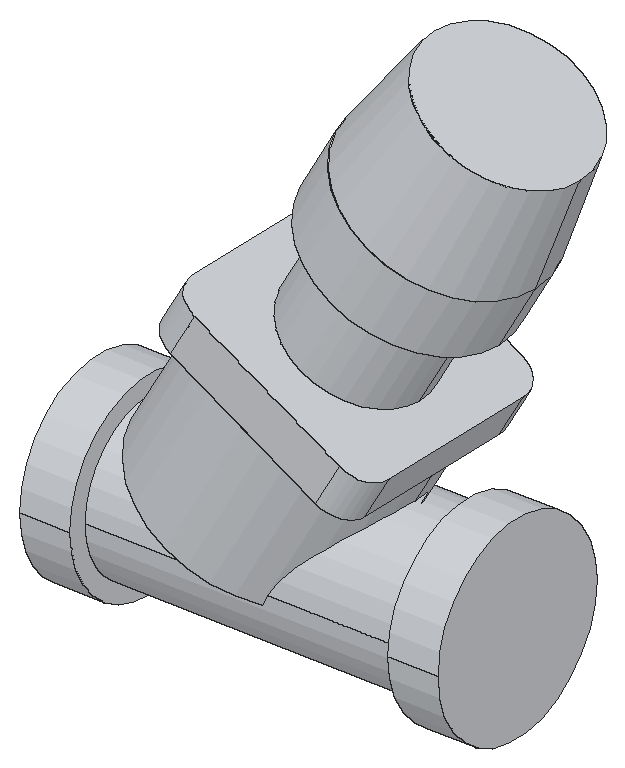
Revit family "OPTIMA_Compact_MM_DN20_5,5_RFA_2019", category Pipe Accessories, Revit 2019
Family settings
  Round Connector Dimension = Use Diameter
  Part Type = Valve - Breaks Into
  Work Plane-Based = No
  Always vertical = Yes
  Cut with Voids When Loaded = No
  Shared = No
Parameters (values of type "OPTIMA Compact DN20 M-M 5.5mm")
  magiProductId = "a40c776a67e54a899e920652842cb9"
  magiProductFamilyId = "78ecc78dd0e54fb5aa8a98aef7d402"
  magiPartTypeId = 304
  isMeasuringValve [instance] = no
  ang2D [instance] = 0.00°
  Z = 0 mm
  X = 10 mm
  W2D = 32 mm
  VersionID = "2.0/2018.8.28.1/FRESE_OPTIMA-COMPACT-MM_001"
  Use Minimum Symbol Size [instance] = yes
  URL = "www.hydronic.cz"
  Type Comments = "vnější závit; PN25; 0~120°C, bez měřicích vsuvek"
  R9 = 8 mm
  R8 = 14 mm
  R7 = 17 mm
  R6 = 12 mm
  R5 = 5 mm
  R4 = 19 mm
  R3 = 19 mm
  R2 = 13.5 mm
  R1 = 16.5 mm
  QmdConnectorList = "301;D;302;D"
  Productdata [instance] = ""
  PLG0 = no
  Manufacturer = "Hydronic Systems Prague s.r.o."
  MC Product Code = "53-1311  (1\" M-M; 5.5mm; Qmin-dpmin 300l/h-17.8kPa; Qmax-dpmin 1800l/h-40.0kPa; dpmax 800kPa)"
  MC Piping Given Pressure Drop [instance] = 0.0 Pa
  LL = 35 mm
  L3 = 11 mm
  L2D_Min = 3048 mm
  L2D = 104 mm
  L2 = 53.2 mm
  L1__ve = -L1  # -8.4 mm
  L1 = 8.4 mm
  H6__ve = -H6  # -58.5 mm
  H6 = 58.5 mm
  H5 = 20 mm
  H4 = 12 mm
  H3 = 18 mm
  H2 = 8 mm
  H1 = 26 mm
  Description = "Tlakově nezávislý 2-cestný regulační vyvažovací ventil (PICV)"
  D = 20 mm
  A = 30.00°
Types (8, lengths in mm): name | magiProductId | Z | X | R4 | R3 | R2 | R1 | MC Product Code | LL | L3 | L2 | L1__ve | L1 | H6__ve | H6 | H5 | H3 | H2 | H1 | D
  OPTIMA Compact DN32 M-M 5.5mm | "9229f6b2647a4beea29cfed7a0464e" | 1 | 13 | 29 | 31.5 | 22 | 24 | "53-1314  (6/4\" M-M; 5.5mm; Qmin-dpmin 550l/h-17.9kPa; Qmax-dpmin 4001l/h-28.0kPa; dpmax 800kPa)" | 52 | 12.5 | 79.04 | -12.48 | 12.48 | -66 | 66 | 20 | 16 | 10 | 46 | 32
  OPTIMA Compact DN15 M-M 2.5mm | "cf91b4957677408aaed6de7f8e707d" | 0 | 7 | 19 | 19 | 12 | 13 | "53-1304  (3/4\" M-M; 2.5mm; Qmin-dpmin 100l/h-14.9kPa; Qmax-dpmin 575l/h-18.5kPa; dpmax 800kPa)" | 32.5 | 11 | 49.4 | -7.8 | 7.8 | -55 | 55 | 20 | 18 | 8 | 26 | 15
  OPTIMA Compact DN15 M-M 5.0mm | "3da7abe28dc3494da6d3a7ef2edb11" | 0 | 7 | 19 | 19 | 12 | 13 | "53-1305  (3/4\" M-M; 5.0mm; Qmin-dpmin 220l/h-16.0kPa; Qmax-dpmin 1330l/h-21.6kPa; dpmax 800kPa)" | 32.5 | 11 | 49.4 | -7.8 | 7.8 | -55 | 55 | 20 | 18 | 8 | 26 | 15
  OPTIMA Compact DN20 M-M 5.0mm | "dbf1ea5749af4e6bb74c096f7a23b2" | 0 | 10 | 19 | 19 | 13.5 | 16.5 | "53-1308  (1\" M-M; 5.0mm; Qmin-dpmin 220l/h-16.0kPa; Qmax-dpmin 1330l/h-21.6kPa; dpmax 800kPa)" | 35 | 11 | 53.2 | -8.4 | 8.4 | -58.5 | 58.5 | 20 | 18 | 8 | 26 | 20
  OPTIMA Compact DN20 M-M 5.5mm | "a40c776a67e54a899e920652842cb9" | 0 | 10 | 19 | 19 | 13.5 | 16.5 | "53-1311  (1\" M-M; 5.5mm; Qmin-dpmin 300l/h-17.8kPa; Qmax-dpmin 1800l/h-40.0kPa; dpmax 800kPa)" | 35 | 11 | 53.2 | -8.4 | 8.4 | -58.5 | 58.5 | 20 | 18 | 8 | 26 | 20
  OPTIMA Compact DN25 M-M 5.5mm | "c9531e40f709430d814b4200686e37" | 0 | 13 | 29 | 31.5 | 18.5 | 21 | "53-1313  (5/4\" M-M; 5.5mm; Qmin-dpmin 600l/h-17.3kPa; Qmax-dpmin 3609l/h-23.0kPa; dpmax 800kPa)" | 52 | 12.5 | 79.04 | -12.48 | 12.48 | -63 | 63 | 20 | 16 | 10 | 43 | 25
  OPTIMA Compact DN10 M-M 2.5mm | "719160033de540c9acf49957212ec3" | 0 | 7 | 19 | 19 | 9 | 10.5 | "53-1300  (1/2\" M-M; 2.5mm; Qmin-dpmin 30l/h-14.3kPa; Qmax-dpmin 200l/h-15.8kPa; dpmax 800kPa)" | 32.5 | 11 | 49.4 | -7.8 | 7.8 | -52.5 | 52.5 | 17 | 18 | 8 | 30 | 10
  OPTIMA Compact DN10 M-M 5.0mm | "5a6cfbbfc7584f5c989f475761ae24" | 0 | 7 | 19 | 19 | 9 | 10.5 | "53-1309  (1/2\" M-M; 5.0mm; Qmin-dpmin 65l/h-14.6kPa; Qmax-dpmin 370l/h-17.2kPa; dpmax 800kPa)" | 32.5 | 11 | 49.4 | -7.8 | 7.8 | -52.5 | 52.5 | 17 | 18 | 8 | 30 | 10
Reference planes
  plane 1 "Center (Front/Back)": y = 0
  plane 2 "XYPLANE": z = 0
  plane 3 "Center (Left/Right)": x = 0
  plane 4 "267": x = 11
  plane 5 "266": x = -11
  plane 6 "252": through (-607.519, 0, 447.746) normal (0.5, 0, 0.866)
  plane 7 "250": through (-617.519, 0, 430.426) normal (0.5, 0, 0.866)
  plane 8 "248": through (-623.519, 0, 420.033) normal (0.5, 0, 0.866)
  plane 9 "245": through (-632.519, 0, 404.445) normal (0.5, 0, 0.866)
  plane 10 "241": through (349.885, 0, 664.019) normal (0.866, 0, -0.5)
  plane 11 "240": through (382.794, 0, 645.019) normal (0.866, 0, -0.5)
  plane 12 "239": y = -19
  plane 13 "238": y = 19
  plane 14 "237": through (-636.519, 0, 397.517) normal (0.5, 0, 0.866)
  plane 15 "235": through (-649.519, 0, 375) normal (0.5, 0, 0.866)
  plane 16 "231": y = 0
  plane 17 "230": through (366.34, 0, 654.519) normal (0.866, 0, -0.5)
  plane 18 "211": x = -26.6
  plane 19 "204": x = 35
  plane 20 "203": x = -35
  plane 21 "202": x = 0
  plane 22 "201": z = 0
  plane 23 "200": y = 0
  plane 24 "227XY": through (-649.519, 0, 375) normal (0.5, 0, 0.866)
  plane 25 "227XZ": y = 0
  plane 26 "227YZ": through (375, 0, 649.519) normal (0.866, 0, -0.5)
Forms (mm)
  Extrusion 1, solid, visible <- "PLG0"
    sketch origin (-750, 0, 0) x (1, 0, 0) y (0, 1, 0)
      loop
        circle (761, 0) r 8
    from 0 to -58.5 <- "H6__ve"
  Extrusion 2, solid, visible <- "PLG0"
    sketch origin (-750, 0, 0) x (1, 0, 0) y (0, 1, 0)
      loop
        circle (739, 0) r 8
    from 0 to -58.5 <- "H6__ve"
  Blend 3, solid
    base sketch origin (-617.519, 0, 430.426) x (0.866025, 0, -0.5) y (0, 1, 0)
      loop
        circle (740, 0) r 17
    top sketch origin (-617.519, 0, 430.426) x (0.866025, 0, -0.5) y (0, 1, 0)
      loop
        circle (740, 0) r 14
    from 0 to 20
  Extrusion 4, solid
    sketch origin (-623.519, 0, 420.033) x (0.866025, 0, -0.5) y (0, 1, 0)
      loop
        circle (740, 0) r 17
    from 0 to 12 <- "H4"
  Extrusion 5, solid
    sketch origin (-632.519, 0, 404.445) x (0.866025, 0, -0.5) y (0, 1, 0)
      loop
        circle (740, 0) r 12
    from 0 to 18 <- "H3"
  Extrusion 6, solid
    sketch origin (-636.519, 0, 397.517) x (0.866025, 0, -0.5) y (0, 1, 0)
      loop
        arc (726, 19) -> (722.464, 17.536) -> (721, 14) r 5
        line (721, 14) -> (721, -14)
        arc (721, -14) -> (722.464, -17.536) -> (726, -19) r 5
        line (726, -19) -> (754, -19)
        arc (754, -19) -> (757.536, -17.536) -> (759, -14) r 5
        line (759, -14) -> (759, 14)
        arc (759, 14) -> (757.536, 17.536) -> (754, 19) r 5
        line (754, 19) -> (726, 19)
    from 0 to 8 <- "H2"
  Extrusion 7, solid
    sketch origin (-649.519, 0, 375) x (0.866025, 0, -0.5) y (0, 1, 0)
      loop
        circle (740, 0) r 19
    from 0 to 26 <- "H1"
  Extrusion 8, solid
    sketch origin (-26.6, -750, 0) x (0, 1, 0) y (0, 0, 1)
      loop
        circle (750, 0) r 13.5
    from 0 to 53.2 <- "L2"
  Extrusion 9, solid
    sketch origin (35, -750, 0) x (0, 1, 0) y (0, 0, 1)
      loop
        circle (750, 0) r 16.5
    from 0 to -8.4 <- "L1__ve"
  Extrusion 10, solid
    sketch origin (-35, -750, 0) x (0, 1, 0) y (0, 0, 1)
      loop
        circle (750, 0) r 16.5
    from 0 to 8.4 <- "L1"
  Extrusion 11, solid, not visible
    sketch origin (35, -750, 0) x (0, 1, 0) y (0, 0, 1)
      loop
        circle (750, 0) r 10
    from 0 to -10
  Extrusion 12, solid, not visible
    sketch origin (-35, -750, 0) x (0, 1, 0) y (0, 0, 1)
      loop
        circle (750, 0) r 10
    from 0 to 10
Lines and regions (mm)
  reference lines, not visible
    curve 1: circle (2, 2, 0) r 1 normal (0, 0, 1)
Dimensions and locks
  plane 1 "Center (Front/Back)" to curve 1 = 2 mm
  "L3": plane 3 "Center (Left/Right)" to plane 4 "267"
  "L3": plane 3 "Center (Left/Right)" to plane 5 "266"
  "H5": plane 7 "250" to plane 6 "252"
  "H4": plane 8 "248" to plane 7 "250"
  "H3": plane 9 "245" to plane 8 "248"
  "H2": plane 14 "237" to plane 9 "245"
  "R4": plane 17 "230" to plane 10 "241"
  "R4": plane 17 "230" to plane 11 "240"
  "R4": plane 23 "200" to plane 12 "239"
  "R4": plane 23 "200" to plane 13 "238"
  "H1": plane 15 "235" to plane 14 "237"
  "Z": plane 24 "227XY" to plane 15 "235"
  locked: plane 23 "200" to plane 16 "231"
  "X": plane 26 "227YZ" to plane 17 "230"
  "L1": plane 20 "203" to plane 18 "211"
  "LL": plane 3 "Center (Left/Right)" to plane 19 "204"
  "LL": plane 3 "Center (Left/Right)" to plane 20 "203"
  locked: plane 3 "Center (Left/Right)" to plane 21 "202"
  locked: plane 2 "XYPLANE" to plane 22 "201"
  locked: plane 1 "Center (Front/Back)" to plane 23 "200"
  Extrusion 6 sketch curve to Extrusion 6 sketch curve = 0 mm  (x16)
  "R9": radius of Extrusion 1 sketch curve
  "R9": radius of Extrusion 2 sketch curve
  "R8": radius of Blend 3 sketch curve
  "R7": radius of Blend 3 sketch curve
  "R7": radius of Extrusion 4 sketch curve
  "R6": radius of Extrusion 5 sketch curve
  "R5": radius of Extrusion 6 sketch curve  (x4)
  "R3": radius of Extrusion 7 sketch curve
  "R2": radius of Extrusion 8 sketch curve
  "R1": radius of Extrusion 9 sketch curve
  "R1": radius of Extrusion 10 sketch curve
  aligned and locked: level to plane 2 "XYPLANE"
  aligned and locked: plane 4 "267" to Extrusion 1 sketch curve
  aligned and locked: plane 23 "200" to Extrusion 1 sketch curve
  aligned and locked: plane 5 "266" to Extrusion 2 sketch curve
  aligned and locked: plane 23 "200" to Extrusion 2 sketch curve
  aligned and locked: plane 16 "231" to Blend 3 sketch curve  (x2)
  aligned and locked: Blend 3 sketch curve to plane 17 "230"  (x2)
  aligned and locked: plane 6 "252" to Blend 3
  aligned and locked: plane 16 "231" to Extrusion 4 sketch curve
  aligned and locked: Extrusion 4 sketch curve to plane 17 "230"
  aligned and locked: plane 16 "231" to Extrusion 5 sketch curve
  aligned and locked: Extrusion 5 sketch curve to plane 17 "230"
  aligned and locked: Extrusion 6 sketch curve to plane 10 "241"
  aligned and locked: Extrusion 6 sketch curve to plane 12 "239"
  aligned and locked: Extrusion 6 sketch curve to plane 11 "240"
  aligned and locked: plane 13 "238" to Extrusion 6 sketch curve
  aligned and locked: plane 16 "231" to Extrusion 7 sketch curve
  aligned and locked: Extrusion 7 sketch curve to plane 17 "230"
  aligned and locked: plane 22 "201" to Extrusion 8 sketch curve
  aligned and locked: Extrusion 8 sketch curve to plane 23 "200"
  aligned and locked: plane 22 "201" to Extrusion 9 sketch curve
  aligned and locked: Extrusion 9 sketch curve to plane 23 "200"
  aligned and locked: plane 22 "201" to Extrusion 10 sketch curve
  aligned and locked: Extrusion 10 sketch curve to plane 23 "200"
  aligned and locked: plane 22 "201" to Extrusion 11 sketch curve
  aligned and locked: Extrusion 11 sketch curve to plane 23 "200"
  aligned and locked: plane 22 "201" to Extrusion 12 sketch curve
  aligned and locked: Extrusion 12 sketch curve to plane 23 "200"
Automatic sketch dimensions
  plane 1 "Center (Front/Back)" to Extrusion 11 sketch curve = 10 mm
  plane 1 "Center (Front/Back)" to Extrusion 12 sketch curve = 10 mm
  plane 3 "Center (Left/Right)" to curve 1 = 2 mm
  radius of curve 1 = 1 mm
Connectors
  piping at (-35, 0, 0), diameter 20, driven by "D"
    settings: on Extrusion 12, index 1, connector inside diameter 609.6 mm, connector length 0 mm, flow factor 0, pipe flow 0.0 L/s, pressure drop 0.0 Pa, fitting loss kfactor 0, connector angle 0.00°, fixture units 0, engagement length 0 mm, angle of deflection 0.00°, flow configuration 0, flow direction 0, fitting loss method 0, system type 29, joint type 0, gender type 0, connector reference index 2, connector utility 0, adjustable connector no, is connector primary yes, connector description ""
  piping at (35, 0, 0), diameter 20, driven by "D"
    settings: on Extrusion 11, index 2, connector inside diameter 609.6 mm, connector length 0 mm, flow factor 0, pipe flow 0.0 L/s, pressure drop 0.0 Pa, fitting loss kfactor 0, connector angle 0.00°, fixture units 0, engagement length 0 mm, angle of deflection 0.00°, flow configuration 0, flow direction 0, fitting loss method 0, system type 29, joint type 0, gender type 0, connector reference index 1, connector utility 0, adjustable connector no, is connector primary no, connector description ""
